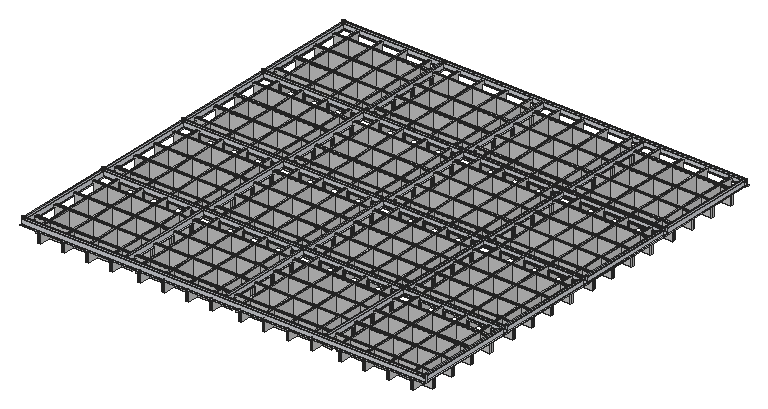
Revit family "GRD-WFL-001_RFA", category Modelos genéricos, Revit 2022 (continued)
Forms (in)
  Extrusion 405, solid
    sketch origin (83.61511, 0.00149, -1.20924) x (0, 1, 0) y (0, 0, -1)
      loop
        line (0.96881, 1.14538) -> (0.96881, -1.85462) -> (0.65631, -1.85462) -> (0.65631, -2.35462) -> (0.96881, -2.35462) -> (3.48948, -2.35462) -> (3.48948, -0.60462) -> (4.19814, -0.60462) -> (4.19814, -2.35462) -> (9.23948, -2.35462) -> (9.23948, -0.60462) -> (9.94814, -0.60462) -> (9.94814, -2.35462) -> (14.98948, -2.35462) -> (14.98948, -0.60462) -> (15.69814, -0.60462) -> (15.69814, -2.35462) -> (20.73948, -2.35462) -> (20.73948, -0.60462) -> (21.44814, -0.60462) -> (21.44814, -2.35462) -> (24.28131, -2.35462) -> (24.28131, -1.85462) -> (23.96881, -1.85462) -> (23.96881, 1.14538) -> (0.96881, 1.14538)
    from -3.96341 to -3.49097
  Extrusion 406, solid
    sketch origin (89.36511, 0.00149, -1.20924) x (0, 1, 0) y (0, 0, -1)
      loop
        line (0.96881, 1.14538) -> (0.96881, -1.85462) -> (0.65631, -1.85462) -> (0.65631, -2.35462) -> (0.96881, -2.35462) -> (3.48948, -2.35462) -> (3.48948, -0.60462) -> (4.19814, -0.60462) -> (4.19814, -2.35462) -> (9.23948, -2.35462) -> (9.23948, -0.60462) -> (9.94814, -0.60462) -> (9.94814, -2.35462) -> (14.98948, -2.35462) -> (14.98948, -0.60462) -> (15.69814, -0.60462) -> (15.69814, -2.35462) -> (20.73948, -2.35462) -> (20.73948, -0.60462) -> (21.44814, -0.60462) -> (21.44814, -2.35462) -> (24.28131, -2.35462) -> (24.28131, -1.85462) -> (23.96881, -1.85462) -> (23.96881, 1.14538) -> (0.96881, 1.14538)
    from -3.96341 to -3.49097
  Extrusion 407, solid
    sketch origin (-0.00019, 23.99679, 0) x (1, 0, 0) y (0, 0, 1)
      loop
        line (0.96881, 0.64538) -> (0.96881, -2.35462) -> (3.48948, -2.35462) -> (3.48948, -0.60462) -> (4.19814, -0.60462) -> (4.19814, -2.35462) -> (9.23948, -2.35462) -> (9.23948, -0.60462) -> (9.94814, -0.60462) -> (9.94814, -2.35462) -> (14.98948, -2.35462) -> (14.98948, -0.60462) -> (15.69814, -0.60462) -> (15.69814, -2.35462) -> (20.73948, -2.35462) -> (20.73948, -0.60462) -> (21.44814, -0.60462) -> (21.44814, -2.35462) -> (23.96881, -2.35462) -> (23.96881, 0.64538) -> (24.28131, 0.64538) -> (24.28131, 1.14538) -> (0.65631, 1.14538) -> (0.65631, 0.64538) -> (0.96881, 0.64538)
    from -3.60908 to -3.49097
  Extrusion 408, solid
    sketch origin (-0.00019, 23.99679, 0) x (1, 0, 0) y (0, 0, 1)
      loop
        line (0.96881, 0.64538) -> (0.96881, -2.35462) -> (3.48948, -2.35462) -> (3.48948, -0.60462) -> (4.19814, -0.60462) -> (4.19814, -2.35462) -> (9.23948, -2.35462) -> (9.23948, -0.60462) -> (9.94814, -0.60462) -> (9.94814, -2.35462) -> (14.98948, -2.35462) -> (14.98948, -0.60462) -> (15.69814, -0.60462) -> (15.69814, -2.35462) -> (20.73948, -2.35462) -> (20.73948, -0.60462) -> (21.44814, -0.60462) -> (21.44814, -2.35462) -> (23.96881, -2.35462) -> (23.96881, 0.64538) -> (24.28131, 0.64538) -> (24.28131, 1.14538) -> (0.65631, 1.14538) -> (0.65631, 0.64538) -> (0.96881, 0.64538)
    from -4.08152 to -3.60908
  Extrusion 409, solid
    sketch origin (-0.00019, 23.99679, 0) x (1, 0, 0) y (0, 0, 1)
      loop
        line (0.96881, 0.64538) -> (0.96881, -2.35462) -> (3.48948, -2.35462) -> (3.48948, -0.60462) -> (4.19814, -0.60462) -> (4.19814, -2.35462) -> (9.23948, -2.35462) -> (9.23948, -0.60462) -> (9.94814, -0.60462) -> (9.94814, -2.35462) -> (14.98948, -2.35462) -> (14.98948, -0.60462) -> (15.69814, -0.60462) -> (15.69814, -2.35462) -> (20.73948, -2.35462) -> (20.73948, -0.60462) -> (21.44814, -0.60462) -> (21.44814, -2.35462) -> (23.96881, -2.35462) -> (23.96881, 0.64538) -> (24.28131, 0.64538) -> (24.28131, 1.14538) -> (0.65631, 1.14538) -> (0.65631, 0.64538) -> (0.96881, 0.64538)
    from -4.19963 to -4.08152
  Extrusion 410, solid
    sketch origin (-0.00168, 23.99827, -1.20924) x (0, 1, 0) y (0, 0, -1)
      loop
        line (0.96881, 1.14538) -> (0.96881, -1.85462) -> (0.65631, -1.85462) -> (0.65631, -2.35462) -> (0.96881, -2.35462) -> (3.48948, -2.35462) -> (3.48948, -0.60462) -> (4.19814, -0.60462) -> (4.19814, -2.35462) -> (9.23948, -2.35462) -> (9.23948, -0.60462) -> (9.94814, -0.60462) -> (9.94814, -2.35462) -> (14.98948, -2.35462) -> (14.98948, -0.60462) -> (15.69814, -0.60462) -> (15.69814, -2.35462) -> (20.73948, -2.35462) -> (20.73948, -0.60462) -> (21.44814, -0.60462) -> (21.44814, -2.35462) -> (24.28131, -2.35462) -> (24.28131, -1.85462) -> (23.96881, -1.85462) -> (23.96881, 1.14538) -> (0.96881, 1.14538)
    from -3.60908 to -3.49097
  Extrusion 411, solid
    sketch origin (0.11643, 23.99827, -1.20924) x (0, 1, 0) y (0, 0, -1)
      loop
        line (0.96881, 1.14538) -> (0.96881, -1.85462) -> (0.65631, -1.85462) -> (0.65631, -2.35462) -> (0.96881, -2.35462) -> (3.48948, -2.35462) -> (3.48948, -0.60462) -> (4.19814, -0.60462) -> (4.19814, -2.35462) -> (9.23948, -2.35462) -> (9.23948, -0.60462) -> (9.94814, -0.60462) -> (9.94814, -2.35462) -> (14.98948, -2.35462) -> (14.98948, -0.60462) -> (15.69814, -0.60462) -> (15.69814, -2.35462) -> (20.73948, -2.35462) -> (20.73948, -0.60462) -> (21.44814, -0.60462) -> (21.44814, -2.35462) -> (24.28131, -2.35462) -> (24.28131, -1.85462) -> (23.96881, -1.85462) -> (23.96881, 1.14538) -> (0.96881, 1.14538)
    from -3.96341 to -3.49097
  Extrusion 412, solid
    sketch origin (-0.00168, 23.99827, -1.20924) x (0, 1, 0) y (0, 0, -1)
      loop
        line (0.96881, 1.14538) -> (0.96881, -1.85462) -> (0.65631, -1.85462) -> (0.65631, -2.35462) -> (0.96881, -2.35462) -> (3.48948, -2.35462) -> (3.48948, -0.60462) -> (4.19814, -0.60462) -> (4.19814, -2.35462) -> (9.23948, -2.35462) -> (9.23948, -0.60462) -> (9.94814, -0.60462) -> (9.94814, -2.35462) -> (14.98948, -2.35462) -> (14.98948, -0.60462) -> (15.69814, -0.60462) -> (15.69814, -2.35462) -> (20.73948, -2.35462) -> (20.73948, -0.60462) -> (21.44814, -0.60462) -> (21.44814, -2.35462) -> (24.28131, -2.35462) -> (24.28131, -1.85462) -> (23.96881, -1.85462) -> (23.96881, 1.14538) -> (0.96881, 1.14538)
    from -4.19963 to -4.08152
  Extrusion 413, solid
    sketch origin (-0.00019, 23.99679, 0) x (1, 0, 0) y (0, 0, 1)
      loop
        line (0.96881, 0.64538) -> (0.96881, -2.35462) -> (3.48948, -2.35462) -> (3.48948, -0.60462) -> (4.19814, -0.60462) -> (4.19814, -2.35462) -> (9.23948, -2.35462) -> (9.23948, -0.60462) -> (9.94814, -0.60462) -> (9.94814, -2.35462) -> (14.98948, -2.35462) -> (14.98948, -0.60462) -> (15.69814, -0.60462) -> (15.69814, -2.35462) -> (20.73948, -2.35462) -> (20.73948, -0.60462) -> (21.44814, -0.60462) -> (21.44814, -2.35462) -> (23.96881, -2.35462) -> (23.96881, 0.64538) -> (24.28131, 0.64538) -> (24.28131, 1.14538) -> (0.65631, 1.14538) -> (0.65631, 0.64538) -> (0.96881, 0.64538)
    from -9.94963 to -9.83152
  Extrusion 414, solid
    sketch origin (-0.00019, 23.99679, 0) x (1, 0, 0) y (0, 0, 1)
      loop
        line (0.96881, 0.64538) -> (0.96881, -2.35462) -> (3.48948, -2.35462) -> (3.48948, -0.60462) -> (4.19814, -0.60462) -> (4.19814, -2.35462) -> (9.23948, -2.35462) -> (9.23948, -0.60462) -> (9.94814, -0.60462) -> (9.94814, -2.35462) -> (14.98948, -2.35462) -> (14.98948, -0.60462) -> (15.69814, -0.60462) -> (15.69814, -2.35462) -> (20.73948, -2.35462) -> (20.73948, -0.60462) -> (21.44814, -0.60462) -> (21.44814, -2.35462) -> (23.96881, -2.35462) -> (23.96881, 0.64538) -> (24.28131, 0.64538) -> (24.28131, 1.14538) -> (0.65631, 1.14538) -> (0.65631, 0.64538) -> (0.96881, 0.64538)
    from -9.35908 to -9.24097
  Extrusion 415, solid
    sketch origin (-0.00019, 23.99679, 0) x (1, 0, 0) y (0, 0, 1)
      loop
        line (0.96881, 0.64538) -> (0.96881, -2.35462) -> (3.48948, -2.35462) -> (3.48948, -0.60462) -> (4.19814, -0.60462) -> (4.19814, -2.35462) -> (9.23948, -2.35462) -> (9.23948, -0.60462) -> (9.94814, -0.60462) -> (9.94814, -2.35462) -> (14.98948, -2.35462) -> (14.98948, -0.60462) -> (15.69814, -0.60462) -> (15.69814, -2.35462) -> (20.73948, -2.35462) -> (20.73948, -0.60462) -> (21.44814, -0.60462) -> (21.44814, -2.35462) -> (23.96881, -2.35462) -> (23.96881, 0.64538) -> (24.28131, 0.64538) -> (24.28131, 1.14538) -> (0.65631, 1.14538) -> (0.65631, 0.64538) -> (0.96881, 0.64538)
    from -9.83152 to -9.35908
  Extrusion 416, solid
    sketch origin (-0.00019, 23.99679, 0) x (1, 0, 0) y (0, 0, 1)
      loop
        line (0.96881, 0.64538) -> (0.96881, -2.35462) -> (3.48948, -2.35462) -> (3.48948, -0.60462) -> (4.19814, -0.60462) -> (4.19814, -2.35462) -> (9.23948, -2.35462) -> (9.23948, -0.60462) -> (9.94814, -0.60462) -> (9.94814, -2.35462) -> (14.98948, -2.35462) -> (14.98948, -0.60462) -> (15.69814, -0.60462) -> (15.69814, -2.35462) -> (20.73948, -2.35462) -> (20.73948, -0.60462) -> (21.44814, -0.60462) -> (21.44814, -2.35462) -> (23.96881, -2.35462) -> (23.96881, 0.64538) -> (24.28131, 0.64538) -> (24.28131, 1.14538) -> (0.65631, 1.14538) -> (0.65631, 0.64538) -> (0.96881, 0.64538)
    from -15.69963 to -15.58152
  Extrusion 417, solid
    sketch origin (-0.00019, 23.99679, 0) x (1, 0, 0) y (0, 0, 1)
      loop
        line (0.96881, 0.64538) -> (0.96881, -2.35462) -> (3.48948, -2.35462) -> (3.48948, -0.60462) -> (4.19814, -0.60462) -> (4.19814, -2.35462) -> (9.23948, -2.35462) -> (9.23948, -0.60462) -> (9.94814, -0.60462) -> (9.94814, -2.35462) -> (14.98948, -2.35462) -> (14.98948, -0.60462) -> (15.69814, -0.60462) -> (15.69814, -2.35462) -> (20.73948, -2.35462) -> (20.73948, -0.60462) -> (21.44814, -0.60462) -> (21.44814, -2.35462) -> (23.96881, -2.35462) -> (23.96881, 0.64538) -> (24.28131, 0.64538) -> (24.28131, 1.14538) -> (0.65631, 1.14538) -> (0.65631, 0.64538) -> (0.96881, 0.64538)
    from -15.10908 to -14.99097
  Extrusion 418, solid
    sketch origin (-0.00019, 23.99679, 0) x (1, 0, 0) y (0, 0, 1)
      loop
        line (0.96881, 0.64538) -> (0.96881, -2.35462) -> (3.48948, -2.35462) -> (3.48948, -0.60462) -> (4.19814, -0.60462) -> (4.19814, -2.35462) -> (9.23948, -2.35462) -> (9.23948, -0.60462) -> (9.94814, -0.60462) -> (9.94814, -2.35462) -> (14.98948, -2.35462) -> (14.98948, -0.60462) -> (15.69814, -0.60462) -> (15.69814, -2.35462) -> (20.73948, -2.35462) -> (20.73948, -0.60462) -> (21.44814, -0.60462) -> (21.44814, -2.35462) -> (23.96881, -2.35462) -> (23.96881, 0.64538) -> (24.28131, 0.64538) -> (24.28131, 1.14538) -> (0.65631, 1.14538) -> (0.65631, 0.64538) -> (0.96881, 0.64538)
    from -15.58152 to -15.10908
  Extrusion 419, solid
    sketch origin (-0.00019, 23.99679, 0) x (1, 0, 0) y (0, 0, 1)
      loop
        line (0.96881, 0.64538) -> (0.96881, -2.35462) -> (3.48948, -2.35462) -> (3.48948, -0.60462) -> (4.19814, -0.60462) -> (4.19814, -2.35462) -> (9.23948, -2.35462) -> (9.23948, -0.60462) -> (9.94814, -0.60462) -> (9.94814, -2.35462) -> (14.98948, -2.35462) -> (14.98948, -0.60462) -> (15.69814, -0.60462) -> (15.69814, -2.35462) -> (20.73948, -2.35462) -> (20.73948, -0.60462) -> (21.44814, -0.60462) -> (21.44814, -2.35462) -> (23.96881, -2.35462) -> (23.96881, 0.64538) -> (24.28131, 0.64538) -> (24.28131, 1.14538) -> (0.65631, 1.14538) -> (0.65631, 0.64538) -> (0.96881, 0.64538)
    from -21.44963 to -21.33152
  Extrusion 420, solid
    sketch origin (-0.00019, 23.99679, 0) x (1, 0, 0) y (0, 0, 1)
      loop
        line (0.96881, 0.64538) -> (0.96881, -2.35462) -> (3.48948, -2.35462) -> (3.48948, -0.60462) -> (4.19814, -0.60462) -> (4.19814, -2.35462) -> (9.23948, -2.35462) -> (9.23948, -0.60462) -> (9.94814, -0.60462) -> (9.94814, -2.35462) -> (14.98948, -2.35462) -> (14.98948, -0.60462) -> (15.69814, -0.60462) -> (15.69814, -2.35462) -> (20.73948, -2.35462) -> (20.73948, -0.60462) -> (21.44814, -0.60462) -> (21.44814, -2.35462) -> (23.96881, -2.35462) -> (23.96881, 0.64538) -> (24.28131, 0.64538) -> (24.28131, 1.14538) -> (0.65631, 1.14538) -> (0.65631, 0.64538) -> (0.96881, 0.64538)
    from -20.85908 to -20.74097
  Extrusion 421, solid
    sketch origin (-0.00019, 23.99679, 0) x (1, 0, 0) y (0, 0, 1)
      loop
        line (0.96881, 0.64538) -> (0.96881, -2.35462) -> (3.48948, -2.35462) -> (3.48948, -0.60462) -> (4.19814, -0.60462) -> (4.19814, -2.35462) -> (9.23948, -2.35462) -> (9.23948, -0.60462) -> (9.94814, -0.60462) -> (9.94814, -2.35462) -> (14.98948, -2.35462) -> (14.98948, -0.60462) -> (15.69814, -0.60462) -> (15.69814, -2.35462) -> (20.73948, -2.35462) -> (20.73948, -0.60462) -> (21.44814, -0.60462) -> (21.44814, -2.35462) -> (23.96881, -2.35462) -> (23.96881, 0.64538) -> (24.28131, 0.64538) -> (24.28131, 1.14538) -> (0.65631, 1.14538) -> (0.65631, 0.64538) -> (0.96881, 0.64538)
    from -21.33152 to -20.85908
  Extrusion 422, solid
    sketch origin (5.74832, 23.99827, -1.20924) x (0, 1, 0) y (0, 0, -1)
      loop
        line (0.96881, 1.14538) -> (0.96881, -1.85462) -> (0.65631, -1.85462) -> (0.65631, -2.35462) -> (0.96881, -2.35462) -> (3.48948, -2.35462) -> (3.48948, -0.60462) -> (4.19814, -0.60462) -> (4.19814, -2.35462) -> (9.23948, -2.35462) -> (9.23948, -0.60462) -> (9.94814, -0.60462) -> (9.94814, -2.35462) -> (14.98948, -2.35462) -> (14.98948, -0.60462) -> (15.69814, -0.60462) -> (15.69814, -2.35462) -> (20.73948, -2.35462) -> (20.73948, -0.60462) -> (21.44814, -0.60462) -> (21.44814, -2.35462) -> (24.28131, -2.35462) -> (24.28131, -1.85462) -> (23.96881, -1.85462) -> (23.96881, 1.14538) -> (0.96881, 1.14538)
    from -4.19963 to -4.08152
  Extrusion 423, solid
    sketch origin (5.15777, 23.99827, -1.20924) x (0, 1, 0) y (0, 0, -1)
      loop
        line (0.96881, 1.14538) -> (0.96881, -1.85462) -> (0.65631, -1.85462) -> (0.65631, -2.35462) -> (0.96881, -2.35462) -> (3.48948, -2.35462) -> (3.48948, -0.60462) -> (4.19814, -0.60462) -> (4.19814, -2.35462) -> (9.23948, -2.35462) -> (9.23948, -0.60462) -> (9.94814, -0.60462) -> (9.94814, -2.35462) -> (14.98948, -2.35462) -> (14.98948, -0.60462) -> (15.69814, -0.60462) -> (15.69814, -2.35462) -> (20.73948, -2.35462) -> (20.73948, -0.60462) -> (21.44814, -0.60462) -> (21.44814, -2.35462) -> (24.28131, -2.35462) -> (24.28131, -1.85462) -> (23.96881, -1.85462) -> (23.96881, 1.14538) -> (0.96881, 1.14538)
    from -4.19963 to -4.08152
  Extrusion 424, solid
    sketch origin (11.49832, 23.99827, -1.20924) x (0, 1, 0) y (0, 0, -1)
      loop
        line (0.96881, 1.14538) -> (0.96881, -1.85462) -> (0.65631, -1.85462) -> (0.65631, -2.35462) -> (0.96881, -2.35462) -> (3.48948, -2.35462) -> (3.48948, -0.60462) -> (4.19814, -0.60462) -> (4.19814, -2.35462) -> (9.23948, -2.35462) -> (9.23948, -0.60462) -> (9.94814, -0.60462) -> (9.94814, -2.35462) -> (14.98948, -2.35462) -> (14.98948, -0.60462) -> (15.69814, -0.60462) -> (15.69814, -2.35462) -> (20.73948, -2.35462) -> (20.73948, -0.60462) -> (21.44814, -0.60462) -> (21.44814, -2.35462) -> (24.28131, -2.35462) -> (24.28131, -1.85462) -> (23.96881, -1.85462) -> (23.96881, 1.14538) -> (0.96881, 1.14538)
    from -4.19963 to -4.08152
  Extrusion 425, solid
    sketch origin (10.90777, 23.99827, -1.20924) x (0, 1, 0) y (0, 0, -1)
      loop
        line (0.96881, 1.14538) -> (0.96881, -1.85462) -> (0.65631, -1.85462) -> (0.65631, -2.35462) -> (0.96881, -2.35462) -> (3.48948, -2.35462) -> (3.48948, -0.60462) -> (4.19814, -0.60462) -> (4.19814, -2.35462) -> (9.23948, -2.35462) -> (9.23948, -0.60462) -> (9.94814, -0.60462) -> (9.94814, -2.35462) -> (14.98948, -2.35462) -> (14.98948, -0.60462) -> (15.69814, -0.60462) -> (15.69814, -2.35462) -> (20.73948, -2.35462) -> (20.73948, -0.60462) -> (21.44814, -0.60462) -> (21.44814, -2.35462) -> (24.28131, -2.35462) -> (24.28131, -1.85462) -> (23.96881, -1.85462) -> (23.96881, 1.14538) -> (0.96881, 1.14538)
    from -4.19963 to -4.08152
  Extrusion 426, solid
    sketch origin (16.65777, 23.99827, -1.20924) x (0, 1, 0) y (0, 0, -1)
      loop
        line (0.96881, 1.14538) -> (0.96881, -1.85462) -> (0.65631, -1.85462) -> (0.65631, -2.35462) -> (0.96881, -2.35462) -> (3.48948, -2.35462) -> (3.48948, -0.60462) -> (4.19814, -0.60462) -> (4.19814, -2.35462) -> (9.23948, -2.35462) -> (9.23948, -0.60462) -> (9.94814, -0.60462) -> (9.94814, -2.35462) -> (14.98948, -2.35462) -> (14.98948, -0.60462) -> (15.69814, -0.60462) -> (15.69814, -2.35462) -> (20.73948, -2.35462) -> (20.73948, -0.60462) -> (21.44814, -0.60462) -> (21.44814, -2.35462) -> (24.28131, -2.35462) -> (24.28131, -1.85462) -> (23.96881, -1.85462) -> (23.96881, 1.14538) -> (0.96881, 1.14538)
    from -4.19963 to -4.08152
  Extrusion 427, solid
    sketch origin (17.24832, 23.99827, -1.20924) x (0, 1, 0) y (0, 0, -1)
      loop
        line (0.96881, 1.14538) -> (0.96881, -1.85462) -> (0.65631, -1.85462) -> (0.65631, -2.35462) -> (0.96881, -2.35462) -> (3.48948, -2.35462) -> (3.48948, -0.60462) -> (4.19814, -0.60462) -> (4.19814, -2.35462) -> (9.23948, -2.35462) -> (9.23948, -0.60462) -> (9.94814, -0.60462) -> (9.94814, -2.35462) -> (14.98948, -2.35462) -> (14.98948, -0.60462) -> (15.69814, -0.60462) -> (15.69814, -2.35462) -> (20.73948, -2.35462) -> (20.73948, -0.60462) -> (21.44814, -0.60462) -> (21.44814, -2.35462) -> (24.28131, -2.35462) -> (24.28131, -1.85462) -> (23.96881, -1.85462) -> (23.96881, 1.14538) -> (0.96881, 1.14538)
    from -4.19963 to -4.08152
  Extrusion 428, solid
    sketch origin (5.86643, 23.99827, -1.20924) x (0, 1, 0) y (0, 0, -1)
      loop
        line (0.96881, 1.14538) -> (0.96881, -1.85462) -> (0.65631, -1.85462) -> (0.65631, -2.35462) -> (0.96881, -2.35462) -> (3.48948, -2.35462) -> (3.48948, -0.60462) -> (4.19814, -0.60462) -> (4.19814, -2.35462) -> (9.23948, -2.35462) -> (9.23948, -0.60462) -> (9.94814, -0.60462) -> (9.94814, -2.35462) -> (14.98948, -2.35462) -> (14.98948, -0.60462) -> (15.69814, -0.60462) -> (15.69814, -2.35462) -> (20.73948, -2.35462) -> (20.73948, -0.60462) -> (21.44814, -0.60462) -> (21.44814, -2.35462) -> (24.28131, -2.35462) -> (24.28131, -1.85462) -> (23.96881, -1.85462) -> (23.96881, 1.14538) -> (0.96881, 1.14538)
    from -3.96341 to -3.49097
  Extrusion 429, solid
    sketch origin (11.61643, 23.99827, -1.20924) x (0, 1, 0) y (0, 0, -1)
      loop
        line (0.96881, 1.14538) -> (0.96881, -1.85462) -> (0.65631, -1.85462) -> (0.65631, -2.35462) -> (0.96881, -2.35462) -> (3.48948, -2.35462) -> (3.48948, -0.60462) -> (4.19814, -0.60462) -> (4.19814, -2.35462) -> (9.23948, -2.35462) -> (9.23948, -0.60462) -> (9.94814, -0.60462) -> (9.94814, -2.35462) -> (14.98948, -2.35462) -> (14.98948, -0.60462) -> (15.69814, -0.60462) -> (15.69814, -2.35462) -> (20.73948, -2.35462) -> (20.73948, -0.60462) -> (21.44814, -0.60462) -> (21.44814, -2.35462) -> (24.28131, -2.35462) -> (24.28131, -1.85462) -> (23.96881, -1.85462) -> (23.96881, 1.14538) -> (0.96881, 1.14538)
    from -3.96341 to -3.49097
  Extrusion 430, solid
    sketch origin (17.36643, 23.99827, -1.20924) x (0, 1, 0) y (0, 0, -1)
      loop
        line (0.96881, 1.14538) -> (0.96881, -1.85462) -> (0.65631, -1.85462) -> (0.65631, -2.35462) -> (0.96881, -2.35462) -> (3.48948, -2.35462) -> (3.48948, -0.60462) -> (4.19814, -0.60462) -> (4.19814, -2.35462) -> (9.23948, -2.35462) -> (9.23948, -0.60462) -> (9.94814, -0.60462) -> (9.94814, -2.35462) -> (14.98948, -2.35462) -> (14.98948, -0.60462) -> (15.69814, -0.60462) -> (15.69814, -2.35462) -> (20.73948, -2.35462) -> (20.73948, -0.60462) -> (21.44814, -0.60462) -> (21.44814, -2.35462) -> (24.28131, -2.35462) -> (24.28131, -1.85462) -> (23.96881, -1.85462) -> (23.96881, 1.14538) -> (0.96881, 1.14538)
    from -3.96341 to -3.49097
  Extrusion 431, solid, not visible
    sketch origin (-44, 0, 0) x (1, 0, 0) y (0, 0, 1)
      loop
        line (0.96881, 0.64538) -> (0.96881, -2.35462) -> (3.48948, -2.35462) -> (3.48948, -0.60462) -> (4.19814, -0.60462) -> (4.19814, -2.35462) -> (9.23948, -2.35462) -> (9.23948, -0.60462) -> (9.94814, -0.60462) -> (9.94814, -2.35462) -> (14.98948, -2.35462) -> (14.98948, -0.60462) -> (15.69814, -0.60462) -> (15.69814, -2.35462) -> (20.73948, -2.35462) -> (20.73948, -0.60462) -> (21.44814, -0.60462) -> (21.44814, -2.35462) -> (23.96881, -2.35462) -> (23.96881, 0.64538) -> (24.28131, 0.64538) -> (24.28131, 1.14538) -> (0.65631, 1.14538) -> (0.65631, 0.64538) -> (0.96881, 0.64538)
    from -3.60908 to -3.49097
  Extrusion 432, solid, not visible
    sketch origin (-44, 0, 0) x (1, 0, 0) y (0, 0, 1)
      loop
        line (0.96881, 0.64538) -> (0.96881, -2.35462) -> (3.48948, -2.35462) -> (3.48948, -0.60462) -> (4.19814, -0.60462) -> (4.19814, -2.35462) -> (9.23948, -2.35462) -> (9.23948, -0.60462) -> (9.94814, -0.60462) -> (9.94814, -2.35462) -> (14.98948, -2.35462) -> (14.98948, -0.60462) -> (15.69814, -0.60462) -> (15.69814, -2.35462) -> (20.73948, -2.35462) -> (20.73948, -0.60462) -> (21.44814, -0.60462) -> (21.44814, -2.35462) -> (23.96881, -2.35462) -> (23.96881, 0.64538) -> (24.28131, 0.64538) -> (24.28131, 1.14538) -> (0.65631, 1.14538) -> (0.65631, 0.64538) -> (0.96881, 0.64538)
    from -4.08152 to -3.60908
  Extrusion 433, solid, not visible
    sketch origin (-44, 0, 0) x (1, 0, 0) y (0, 0, 1)
      loop
        line (0.96881, 0.64538) -> (0.96881, -2.35462) -> (3.48948, -2.35462) -> (3.48948, -0.60462) -> (4.19814, -0.60462) -> (4.19814, -2.35462) -> (9.23948, -2.35462) -> (9.23948, -0.60462) -> (9.94814, -0.60462) -> (9.94814, -2.35462) -> (14.98948, -2.35462) -> (14.98948, -0.60462) -> (15.69814, -0.60462) -> (15.69814, -2.35462) -> (20.73948, -2.35462) -> (20.73948, -0.60462) -> (21.44814, -0.60462) -> (21.44814, -2.35462) -> (23.96881, -2.35462) -> (23.96881, 0.64538) -> (24.28131, 0.64538) -> (24.28131, 1.14538) -> (0.65631, 1.14538) -> (0.65631, 0.64538) -> (0.96881, 0.64538)
    from -4.19963 to -4.08152
  Extrusion 434, solid, not visible
    sketch origin (-44, 0, 0) x (1, 0, 0) y (0, 0, 1)
      loop
        line (0.96881, 0.64538) -> (0.96881, -2.35462) -> (3.48948, -2.35462) -> (3.48948, -0.60462) -> (4.19814, -0.60462) -> (4.19814, -2.35462) -> (9.23948, -2.35462) -> (9.23948, -0.60462) -> (9.94814, -0.60462) -> (9.94814, -2.35462) -> (14.98948, -2.35462) -> (14.98948, -0.60462) -> (15.69814, -0.60462) -> (15.69814, -2.35462) -> (20.73948, -2.35462) -> (20.73948, -0.60462) -> (21.44814, -0.60462) -> (21.44814, -2.35462) -> (23.96881, -2.35462) -> (23.96881, 0.64538) -> (24.28131, 0.64538) -> (24.28131, 1.14538) -> (0.65631, 1.14538) -> (0.65631, 0.64538) -> (0.96881, 0.64538)
    from -9.94963 to -9.83152
  Extrusion 435, solid, not visible
    sketch origin (-44, 0, 0) x (1, 0, 0) y (0, 0, 1)
      loop
        line (0.96881, 0.64538) -> (0.96881, -2.35462) -> (3.48948, -2.35462) -> (3.48948, -0.60462) -> (4.19814, -0.60462) -> (4.19814, -2.35462) -> (9.23948, -2.35462) -> (9.23948, -0.60462) -> (9.94814, -0.60462) -> (9.94814, -2.35462) -> (14.98948, -2.35462) -> (14.98948, -0.60462) -> (15.69814, -0.60462) -> (15.69814, -2.35462) -> (20.73948, -2.35462) -> (20.73948, -0.60462) -> (21.44814, -0.60462) -> (21.44814, -2.35462) -> (23.96881, -2.35462) -> (23.96881, 0.64538) -> (24.28131, 0.64538) -> (24.28131, 1.14538) -> (0.65631, 1.14538) -> (0.65631, 0.64538) -> (0.96881, 0.64538)
    from -9.35908 to -9.24097
  Extrusion 436, solid, not visible
    sketch origin (-44, 0, 0) x (1, 0, 0) y (0, 0, 1)
      loop
        line (0.96881, 0.64538) -> (0.96881, -2.35462) -> (3.48948, -2.35462) -> (3.48948, -0.60462) -> (4.19814, -0.60462) -> (4.19814, -2.35462) -> (9.23948, -2.35462) -> (9.23948, -0.60462) -> (9.94814, -0.60462) -> (9.94814, -2.35462) -> (14.98948, -2.35462) -> (14.98948, -0.60462) -> (15.69814, -0.60462) -> (15.69814, -2.35462) -> (20.73948, -2.35462) -> (20.73948, -0.60462) -> (21.44814, -0.60462) -> (21.44814, -2.35462) -> (23.96881, -2.35462) -> (23.96881, 0.64538) -> (24.28131, 0.64538) -> (24.28131, 1.14538) -> (0.65631, 1.14538) -> (0.65631, 0.64538) -> (0.96881, 0.64538)
    from -9.83152 to -9.35908
  Extrusion 437, solid, not visible
    sketch origin (-44, 0, 0) x (1, 0, 0) y (0, 0, 1)
      loop
        line (0.96881, 0.64538) -> (0.96881, -2.35462) -> (3.48948, -2.35462) -> (3.48948, -0.60462) -> (4.19814, -0.60462) -> (4.19814, -2.35462) -> (9.23948, -2.35462) -> (9.23948, -0.60462) -> (9.94814, -0.60462) -> (9.94814, -2.35462) -> (14.98948, -2.35462) -> (14.98948, -0.60462) -> (15.69814, -0.60462) -> (15.69814, -2.35462) -> (20.73948, -2.35462) -> (20.73948, -0.60462) -> (21.44814, -0.60462) -> (21.44814, -2.35462) -> (23.96881, -2.35462) -> (23.96881, 0.64538) -> (24.28131, 0.64538) -> (24.28131, 1.14538) -> (0.65631, 1.14538) -> (0.65631, 0.64538) -> (0.96881, 0.64538)
    from -15.69963 to -15.58152
  Extrusion 438, solid, not visible
    sketch origin (-44, 0, 0) x (1, 0, 0) y (0, 0, 1)
      loop
        line (0.96881, 0.64538) -> (0.96881, -2.35462) -> (3.48948, -2.35462) -> (3.48948, -0.60462) -> (4.19814, -0.60462) -> (4.19814, -2.35462) -> (9.23948, -2.35462) -> (9.23948, -0.60462) -> (9.94814, -0.60462) -> (9.94814, -2.35462) -> (14.98948, -2.35462) -> (14.98948, -0.60462) -> (15.69814, -0.60462) -> (15.69814, -2.35462) -> (20.73948, -2.35462) -> (20.73948, -0.60462) -> (21.44814, -0.60462) -> (21.44814, -2.35462) -> (23.96881, -2.35462) -> (23.96881, 0.64538) -> (24.28131, 0.64538) -> (24.28131, 1.14538) -> (0.65631, 1.14538) -> (0.65631, 0.64538) -> (0.96881, 0.64538)
    from -15.10908 to -14.99097
  Extrusion 439, solid, not visible
    sketch origin (-44, 0, 0) x (1, 0, 0) y (0, 0, 1)
      loop
        line (0.96881, 0.64538) -> (0.96881, -2.35462) -> (3.48948, -2.35462) -> (3.48948, -0.60462) -> (4.19814, -0.60462) -> (4.19814, -2.35462) -> (9.23948, -2.35462) -> (9.23948, -0.60462) -> (9.94814, -0.60462) -> (9.94814, -2.35462) -> (14.98948, -2.35462) -> (14.98948, -0.60462) -> (15.69814, -0.60462) -> (15.69814, -2.35462) -> (20.73948, -2.35462) -> (20.73948, -0.60462) -> (21.44814, -0.60462) -> (21.44814, -2.35462) -> (23.96881, -2.35462) -> (23.96881, 0.64538) -> (24.28131, 0.64538) -> (24.28131, 1.14538) -> (0.65631, 1.14538) -> (0.65631, 0.64538) -> (0.96881, 0.64538)
    from -15.58152 to -15.10908
  Extrusion 440, solid, not visible
    sketch origin (-44, 0, 0) x (1, 0, 0) y (0, 0, 1)
      loop
        line (0.96881, 0.64538) -> (0.96881, -2.35462) -> (3.48948, -2.35462) -> (3.48948, -0.60462) -> (4.19814, -0.60462) -> (4.19814, -2.35462) -> (9.23948, -2.35462) -> (9.23948, -0.60462) -> (9.94814, -0.60462) -> (9.94814, -2.35462) -> (14.98948, -2.35462) -> (14.98948, -0.60462) -> (15.69814, -0.60462) -> (15.69814, -2.35462) -> (20.73948, -2.35462) -> (20.73948, -0.60462) -> (21.44814, -0.60462) -> (21.44814, -2.35462) -> (23.96881, -2.35462) -> (23.96881, 0.64538) -> (24.28131, 0.64538) -> (24.28131, 1.14538) -> (0.65631, 1.14538) -> (0.65631, 0.64538) -> (0.96881, 0.64538)
    from -21.44963 to -21.33152
  Extrusion 441, solid, not visible
    sketch origin (-44, 0, 0) x (1, 0, 0) y (0, 0, 1)
      loop
        line (0.96881, 0.64538) -> (0.96881, -2.35462) -> (3.48948, -2.35462) -> (3.48948, -0.60462) -> (4.19814, -0.60462) -> (4.19814, -2.35462) -> (9.23948, -2.35462) -> (9.23948, -0.60462) -> (9.94814, -0.60462) -> (9.94814, -2.35462) -> (14.98948, -2.35462) -> (14.98948, -0.60462) -> (15.69814, -0.60462) -> (15.69814, -2.35462) -> (20.73948, -2.35462) -> (20.73948, -0.60462) -> (21.44814, -0.60462) -> (21.44814, -2.35462) -> (23.96881, -2.35462) -> (23.96881, 0.64538) -> (24.28131, 0.64538) -> (24.28131, 1.14538) -> (0.65631, 1.14538) -> (0.65631, 0.64538) -> (0.96881, 0.64538)
    from -20.85908 to -20.74097
  Extrusion 442, solid, not visible
    sketch origin (-44, 0, 0) x (1, 0, 0) y (0, 0, 1)
      loop
        line (0.96881, 0.64538) -> (0.96881, -2.35462) -> (3.48948, -2.35462) -> (3.48948, -0.60462) -> (4.19814, -0.60462) -> (4.19814, -2.35462) -> (9.23948, -2.35462) -> (9.23948, -0.60462) -> (9.94814, -0.60462) -> (9.94814, -2.35462) -> (14.98948, -2.35462) -> (14.98948, -0.60462) -> (15.69814, -0.60462) -> (15.69814, -2.35462) -> (20.73948, -2.35462) -> (20.73948, -0.60462) -> (21.44814, -0.60462) -> (21.44814, -2.35462) -> (23.96881, -2.35462) -> (23.96881, 0.64538) -> (24.28131, 0.64538) -> (24.28131, 1.14538) -> (0.65631, 1.14538) -> (0.65631, 0.64538) -> (0.96881, 0.64538)
    from -21.33152 to -20.85908
  Extrusion 443, solid, not visible
    sketch origin (-44.00149, 0.00149, -1.20924) x (0, 1, 0) y (0, 0, -1)
      loop
        line (0.96881, 1.14538) -> (0.96881, -1.85462) -> (0.65631, -1.85462) -> (0.65631, -2.35462) -> (0.96881, -2.35462) -> (3.48948, -2.35462) -> (3.48948, -0.60462) -> (4.19814, -0.60462) -> (4.19814, -2.35462) -> (9.23948, -2.35462) -> (9.23948, -0.60462) -> (9.94814, -0.60462) -> (9.94814, -2.35462) -> (14.98948, -2.35462) -> (14.98948, -0.60462) -> (15.69814, -0.60462) -> (15.69814, -2.35462) -> (20.73948, -2.35462) -> (20.73948, -0.60462) -> (21.44814, -0.60462) -> (21.44814, -2.35462) -> (24.28131, -2.35462) -> (24.28131, -1.85462) -> (23.96881, -1.85462) -> (23.96881, 1.14538) -> (0.96881, 1.14538)
    from -3.60908 to -3.49097
  Extrusion 444, solid, not visible
    sketch origin (-43.88338, 0.00149, -1.20924) x (0, 1, 0) y (0, 0, -1)
      loop
        line (0.96881, 1.14538) -> (0.96881, -1.85462) -> (0.65631, -1.85462) -> (0.65631, -2.35462) -> (0.96881, -2.35462) -> (3.48948, -2.35462) -> (3.48948, -0.60462) -> (4.19814, -0.60462) -> (4.19814, -2.35462) -> (9.23948, -2.35462) -> (9.23948, -0.60462) -> (9.94814, -0.60462) -> (9.94814, -2.35462) -> (14.98948, -2.35462) -> (14.98948, -0.60462) -> (15.69814, -0.60462) -> (15.69814, -2.35462) -> (20.73948, -2.35462) -> (20.73948, -0.60462) -> (21.44814, -0.60462) -> (21.44814, -2.35462) -> (24.28131, -2.35462) -> (24.28131, -1.85462) -> (23.96881, -1.85462) -> (23.96881, 1.14538) -> (0.96881, 1.14538)
    from -3.96341 to -3.49097
  Extrusion 445, solid, not visible
    sketch origin (-44.00149, 0.00149, -1.20924) x (0, 1, 0) y (0, 0, -1)
      loop
        line (0.96881, 1.14538) -> (0.96881, -1.85462) -> (0.65631, -1.85462) -> (0.65631, -2.35462) -> (0.96881, -2.35462) -> (3.48948, -2.35462) -> (3.48948, -0.60462) -> (4.19814, -0.60462) -> (4.19814, -2.35462) -> (9.23948, -2.35462) -> (9.23948, -0.60462) -> (9.94814, -0.60462) -> (9.94814, -2.35462) -> (14.98948, -2.35462) -> (14.98948, -0.60462) -> (15.69814, -0.60462) -> (15.69814, -2.35462) -> (20.73948, -2.35462) -> (20.73948, -0.60462) -> (21.44814, -0.60462) -> (21.44814, -2.35462) -> (24.28131, -2.35462) -> (24.28131, -1.85462) -> (23.96881, -1.85462) -> (23.96881, 1.14538) -> (0.96881, 1.14538)
    from -4.19963 to -4.08152
  Extrusion 446, solid, not visible
    sketch origin (-38.25149, 0.00149, -1.20924) x (0, 1, 0) y (0, 0, -1)
      loop
        line (0.96881, 1.14538) -> (0.96881, -1.85462) -> (0.65631, -1.85462) -> (0.65631, -2.35462) -> (0.96881, -2.35462) -> (3.48948, -2.35462) -> (3.48948, -0.60462) -> (4.19814, -0.60462) -> (4.19814, -2.35462) -> (9.23948, -2.35462) -> (9.23948, -0.60462) -> (9.94814, -0.60462) -> (9.94814, -2.35462) -> (14.98948, -2.35462) -> (14.98948, -0.60462) -> (15.69814, -0.60462) -> (15.69814, -2.35462) -> (20.73948, -2.35462) -> (20.73948, -0.60462) -> (21.44814, -0.60462) -> (21.44814, -2.35462) -> (24.28131, -2.35462) -> (24.28131, -1.85462) -> (23.96881, -1.85462) -> (23.96881, 1.14538) -> (0.96881, 1.14538)
    from -4.19963 to -4.08152
  Extrusion 447, solid, not visible
    sketch origin (-38.84204, 0.00149, -1.20924) x (0, 1, 0) y (0, 0, -1)
      loop
        line (0.96881, 1.14538) -> (0.96881, -1.85462) -> (0.65631, -1.85462) -> (0.65631, -2.35462) -> (0.96881, -2.35462) -> (3.48948, -2.35462) -> (3.48948, -0.60462) -> (4.19814, -0.60462) -> (4.19814, -2.35462) -> (9.23948, -2.35462) -> (9.23948, -0.60462) -> (9.94814, -0.60462) -> (9.94814, -2.35462) -> (14.98948, -2.35462) -> (14.98948, -0.60462) -> (15.69814, -0.60462) -> (15.69814, -2.35462) -> (20.73948, -2.35462) -> (20.73948, -0.60462) -> (21.44814, -0.60462) -> (21.44814, -2.35462) -> (24.28131, -2.35462) -> (24.28131, -1.85462) -> (23.96881, -1.85462) -> (23.96881, 1.14538) -> (0.96881, 1.14538)
    from -4.19963 to -4.08152
  Extrusion 448, solid, not visible
    sketch origin (-32.50149, 0.00149, -1.20924) x (0, 1, 0) y (0, 0, -1)
      loop
        line (0.96881, 1.14538) -> (0.96881, -1.85462) -> (0.65631, -1.85462) -> (0.65631, -2.35462) -> (0.96881, -2.35462) -> (3.48948, -2.35462) -> (3.48948, -0.60462) -> (4.19814, -0.60462) -> (4.19814, -2.35462) -> (9.23948, -2.35462) -> (9.23948, -0.60462) -> (9.94814, -0.60462) -> (9.94814, -2.35462) -> (14.98948, -2.35462) -> (14.98948, -0.60462) -> (15.69814, -0.60462) -> (15.69814, -2.35462) -> (20.73948, -2.35462) -> (20.73948, -0.60462) -> (21.44814, -0.60462) -> (21.44814, -2.35462) -> (24.28131, -2.35462) -> (24.28131, -1.85462) -> (23.96881, -1.85462) -> (23.96881, 1.14538) -> (0.96881, 1.14538)
    from -4.19963 to -4.08152
  Extrusion 449, solid, not visible
    sketch origin (-33.09204, 0.00149, -1.20924) x (0, 1, 0) y (0, 0, -1)
      loop
        line (0.96881, 1.14538) -> (0.96881, -1.85462) -> (0.65631, -1.85462) -> (0.65631, -2.35462) -> (0.96881, -2.35462) -> (3.48948, -2.35462) -> (3.48948, -0.60462) -> (4.19814, -0.60462) -> (4.19814, -2.35462) -> (9.23948, -2.35462) -> (9.23948, -0.60462) -> (9.94814, -0.60462) -> (9.94814, -2.35462) -> (14.98948, -2.35462) -> (14.98948, -0.60462) -> (15.69814, -0.60462) -> (15.69814, -2.35462) -> (20.73948, -2.35462) -> (20.73948, -0.60462) -> (21.44814, -0.60462) -> (21.44814, -2.35462) -> (24.28131, -2.35462) -> (24.28131, -1.85462) -> (23.96881, -1.85462) -> (23.96881, 1.14538) -> (0.96881, 1.14538)
    from -4.19963 to -4.08152
  Extrusion 450, solid, not visible
    sketch origin (-27.34204, 0.00149, -1.20924) x (0, 1, 0) y (0, 0, -1)
      loop
        line (0.96881, 1.14538) -> (0.96881, -1.85462) -> (0.65631, -1.85462) -> (0.65631, -2.35462) -> (0.96881, -2.35462) -> (3.48948, -2.35462) -> (3.48948, -0.60462) -> (4.19814, -0.60462) -> (4.19814, -2.35462) -> (9.23948, -2.35462) -> (9.23948, -0.60462) -> (9.94814, -0.60462) -> (9.94814, -2.35462) -> (14.98948, -2.35462) -> (14.98948, -0.60462) -> (15.69814, -0.60462) -> (15.69814, -2.35462) -> (20.73948, -2.35462) -> (20.73948, -0.60462) -> (21.44814, -0.60462) -> (21.44814, -2.35462) -> (24.28131, -2.35462) -> (24.28131, -1.85462) -> (23.96881, -1.85462) -> (23.96881, 1.14538) -> (0.96881, 1.14538)
    from -4.19963 to -4.08152
  Extrusion 451, solid, not visible
    sketch origin (-26.75149, 0.00149, -1.20924) x (0, 1, 0) y (0, 0, -1)
      loop
        line (0.96881, 1.14538) -> (0.96881, -1.85462) -> (0.65631, -1.85462) -> (0.65631, -2.35462) -> (0.96881, -2.35462) -> (3.48948, -2.35462) -> (3.48948, -0.60462) -> (4.19814, -0.60462) -> (4.19814, -2.35462) -> (9.23948, -2.35462) -> (9.23948, -0.60462) -> (9.94814, -0.60462) -> (9.94814, -2.35462) -> (14.98948, -2.35462) -> (14.98948, -0.60462) -> (15.69814, -0.60462) -> (15.69814, -2.35462) -> (20.73948, -2.35462) -> (20.73948, -0.60462) -> (21.44814, -0.60462) -> (21.44814, -2.35462) -> (24.28131, -2.35462) -> (24.28131, -1.85462) -> (23.96881, -1.85462) -> (23.96881, 1.14538) -> (0.96881, 1.14538)
    from -4.19963 to -4.08152
  Extrusion 452, solid, not visible
    sketch origin (-38.13338, 0.00149, -1.20924) x (0, 1, 0) y (0, 0, -1)
      loop
        line (0.96881, 1.14538) -> (0.96881, -1.85462) -> (0.65631, -1.85462) -> (0.65631, -2.35462) -> (0.96881, -2.35462) -> (3.48948, -2.35462) -> (3.48948, -0.60462) -> (4.19814, -0.60462) -> (4.19814, -2.35462) -> (9.23948, -2.35462) -> (9.23948, -0.60462) -> (9.94814, -0.60462) -> (9.94814, -2.35462) -> (14.98948, -2.35462) -> (14.98948, -0.60462) -> (15.69814, -0.60462) -> (15.69814, -2.35462) -> (20.73948, -2.35462) -> (20.73948, -0.60462) -> (21.44814, -0.60462) -> (21.44814, -2.35462) -> (24.28131, -2.35462) -> (24.28131, -1.85462) -> (23.96881, -1.85462) -> (23.96881, 1.14538) -> (0.96881, 1.14538)
    from -3.96341 to -3.49097
  Extrusion 453, solid, not visible
    sketch origin (-32.38338, 0.00149, -1.20924) x (0, 1, 0) y (0, 0, -1)
      loop
        line (0.96881, 1.14538) -> (0.96881, -1.85462) -> (0.65631, -1.85462) -> (0.65631, -2.35462) -> (0.96881, -2.35462) -> (3.48948, -2.35462) -> (3.48948, -0.60462) -> (4.19814, -0.60462) -> (4.19814, -2.35462) -> (9.23948, -2.35462) -> (9.23948, -0.60462) -> (9.94814, -0.60462) -> (9.94814, -2.35462) -> (14.98948, -2.35462) -> (14.98948, -0.60462) -> (15.69814, -0.60462) -> (15.69814, -2.35462) -> (20.73948, -2.35462) -> (20.73948, -0.60462) -> (21.44814, -0.60462) -> (21.44814, -2.35462) -> (24.28131, -2.35462) -> (24.28131, -1.85462) -> (23.96881, -1.85462) -> (23.96881, 1.14538) -> (0.96881, 1.14538)
    from -3.96341 to -3.49097
  Extrusion 454, solid, not visible
    sketch origin (-26.63338, 0.00149, -1.20924) x (0, 1, 0) y (0, 0, -1)
      loop
        line (0.96881, 1.14538) -> (0.96881, -1.85462) -> (0.65631, -1.85462) -> (0.65631, -2.35462) -> (0.96881, -2.35462) -> (3.48948, -2.35462) -> (3.48948, -0.60462) -> (4.19814, -0.60462) -> (4.19814, -2.35462) -> (9.23948, -2.35462) -> (9.23948, -0.60462) -> (9.94814, -0.60462) -> (9.94814, -2.35462) -> (14.98948, -2.35462) -> (14.98948, -0.60462) -> (15.69814, -0.60462) -> (15.69814, -2.35462) -> (20.73948, -2.35462) -> (20.73948, -0.60462) -> (21.44814, -0.60462) -> (21.44814, -2.35462) -> (24.28131, -2.35462) -> (24.28131, -1.85462) -> (23.96881, -1.85462) -> (23.96881, 1.14538) -> (0.96881, 1.14538)
    from -3.96341 to -3.49097
  Extrusion 455, solid, not visible
    sketch origin (-44, 0, 0) x (1, 0, 0) y (0, 0, 1)
      loop
        line (0.96881, 0.64538) -> (0.96881, -2.35462) -> (3.48948, -2.35462) -> (3.48948, -0.60462) -> (4.19814, -0.60462) -> (4.19814, -2.35462) -> (9.23948, -2.35462) -> (9.23948, -0.60462) -> (9.94814, -0.60462) -> (9.94814, -2.35462) -> (14.98948, -2.35462) -> (14.98948, -0.60462) -> (15.69814, -0.60462) -> (15.69814, -2.35462) -> (20.73948, -2.35462) -> (20.73948, -0.60462) -> (21.44814, -0.60462) -> (21.44814, -2.35462) -> (23.96881, -2.35462) -> (23.96881, 0.64538) -> (24.28131, 0.64538) -> (24.28131, 1.14538) -> (0.65631, 1.14538) -> (0.65631, 0.64538) -> (0.96881, 0.64538)
    from -3.60908 to -3.49097
  Extrusion 456, solid, not visible
    sketch origin (-44, 0, 0) x (1, 0, 0) y (0, 0, 1)
      loop
        line (0.96881, 0.64538) -> (0.96881, -2.35462) -> (3.48948, -2.35462) -> (3.48948, -0.60462) -> (4.19814, -0.60462) -> (4.19814, -2.35462) -> (9.23948, -2.35462) -> (9.23948, -0.60462) -> (9.94814, -0.60462) -> (9.94814, -2.35462) -> (14.98948, -2.35462) -> (14.98948, -0.60462) -> (15.69814, -0.60462) -> (15.69814, -2.35462) -> (20.73948, -2.35462) -> (20.73948, -0.60462) -> (21.44814, -0.60462) -> (21.44814, -2.35462) -> (23.96881, -2.35462) -> (23.96881, 0.64538) -> (24.28131, 0.64538) -> (24.28131, 1.14538) -> (0.65631, 1.14538) -> (0.65631, 0.64538) -> (0.96881, 0.64538)
    from -4.08152 to -3.60908
  Extrusion 457, solid, not visible
    sketch origin (-44, 0, 0) x (1, 0, 0) y (0, 0, 1)
      loop
        line (0.96881, 0.64538) -> (0.96881, -2.35462) -> (3.48948, -2.35462) -> (3.48948, -0.60462) -> (4.19814, -0.60462) -> (4.19814, -2.35462) -> (9.23948, -2.35462) -> (9.23948, -0.60462) -> (9.94814, -0.60462) -> (9.94814, -2.35462) -> (14.98948, -2.35462) -> (14.98948, -0.60462) -> (15.69814, -0.60462) -> (15.69814, -2.35462) -> (20.73948, -2.35462) -> (20.73948, -0.60462) -> (21.44814, -0.60462) -> (21.44814, -2.35462) -> (23.96881, -2.35462) -> (23.96881, 0.64538) -> (24.28131, 0.64538) -> (24.28131, 1.14538) -> (0.65631, 1.14538) -> (0.65631, 0.64538) -> (0.96881, 0.64538)
    from -4.19963 to -4.08152
  Extrusion 458, solid, not visible
    sketch origin (-44.00149, 0.00149, -1.20924) x (0, 1, 0) y (0, 0, -1)
      loop
        line (0.96881, 1.14538) -> (0.96881, -1.85462) -> (0.65631, -1.85462) -> (0.65631, -2.35462) -> (0.96881, -2.35462) -> (3.48948, -2.35462) -> (3.48948, -0.60462) -> (4.19814, -0.60462) -> (4.19814, -2.35462) -> (9.23948, -2.35462) -> (9.23948, -0.60462) -> (9.94814, -0.60462) -> (9.94814, -2.35462) -> (14.98948, -2.35462) -> (14.98948, -0.60462) -> (15.69814, -0.60462) -> (15.69814, -2.35462) -> (20.73948, -2.35462) -> (20.73948, -0.60462) -> (21.44814, -0.60462) -> (21.44814, -2.35462) -> (24.28131, -2.35462) -> (24.28131, -1.85462) -> (23.96881, -1.85462) -> (23.96881, 1.14538) -> (0.96881, 1.14538)
    from -3.60908 to -3.49097
  Extrusion 459, solid, not visible
    sketch origin (-43.88338, 0.00149, -1.20924) x (0, 1, 0) y (0, 0, -1)
      loop
        line (0.96881, 1.14538) -> (0.96881, -1.85462) -> (0.65631, -1.85462) -> (0.65631, -2.35462) -> (0.96881, -2.35462) -> (3.48948, -2.35462) -> (3.48948, -0.60462) -> (4.19814, -0.60462) -> (4.19814, -2.35462) -> (9.23948, -2.35462) -> (9.23948, -0.60462) -> (9.94814, -0.60462) -> (9.94814, -2.35462) -> (14.98948, -2.35462) -> (14.98948, -0.60462) -> (15.69814, -0.60462) -> (15.69814, -2.35462) -> (20.73948, -2.35462) -> (20.73948, -0.60462) -> (21.44814, -0.60462) -> (21.44814, -2.35462) -> (24.28131, -2.35462) -> (24.28131, -1.85462) -> (23.96881, -1.85462) -> (23.96881, 1.14538) -> (0.96881, 1.14538)
    from -3.96341 to -3.49097
  Extrusion 460, solid, not visible
    sketch origin (-44.00149, 0.00149, -1.20924) x (0, 1, 0) y (0, 0, -1)
      loop
        line (0.96881, 1.14538) -> (0.96881, -1.85462) -> (0.65631, -1.85462) -> (0.65631, -2.35462) -> (0.96881, -2.35462) -> (3.48948, -2.35462) -> (3.48948, -0.60462) -> (4.19814, -0.60462) -> (4.19814, -2.35462) -> (9.23948, -2.35462) -> (9.23948, -0.60462) -> (9.94814, -0.60462) -> (9.94814, -2.35462) -> (14.98948, -2.35462) -> (14.98948, -0.60462) -> (15.69814, -0.60462) -> (15.69814, -2.35462) -> (20.73948, -2.35462) -> (20.73948, -0.60462) -> (21.44814, -0.60462) -> (21.44814, -2.35462) -> (24.28131, -2.35462) -> (24.28131, -1.85462) -> (23.96881, -1.85462) -> (23.96881, 1.14538) -> (0.96881, 1.14538)
    from -4.19963 to -4.08152
  Extrusion 461, solid, not visible
    sketch origin (-44, 0, 0) x (1, 0, 0) y (0, 0, 1)
      loop
        line (0.96881, 0.64538) -> (0.96881, -2.35462) -> (3.48948, -2.35462) -> (3.48948, -0.60462) -> (4.19814, -0.60462) -> (4.19814, -2.35462) -> (9.23948, -2.35462) -> (9.23948, -0.60462) -> (9.94814, -0.60462) -> (9.94814, -2.35462) -> (14.98948, -2.35462) -> (14.98948, -0.60462) -> (15.69814, -0.60462) -> (15.69814, -2.35462) -> (20.73948, -2.35462) -> (20.73948, -0.60462) -> (21.44814, -0.60462) -> (21.44814, -2.35462) -> (23.96881, -2.35462) -> (23.96881, 0.64538) -> (24.28131, 0.64538) -> (24.28131, 1.14538) -> (0.65631, 1.14538) -> (0.65631, 0.64538) -> (0.96881, 0.64538)
    from -9.94963 to -9.83152
  Extrusion 462, solid, not visible
    sketch origin (-44, 0, 0) x (1, 0, 0) y (0, 0, 1)
      loop
        line (0.96881, 0.64538) -> (0.96881, -2.35462) -> (3.48948, -2.35462) -> (3.48948, -0.60462) -> (4.19814, -0.60462) -> (4.19814, -2.35462) -> (9.23948, -2.35462) -> (9.23948, -0.60462) -> (9.94814, -0.60462) -> (9.94814, -2.35462) -> (14.98948, -2.35462) -> (14.98948, -0.60462) -> (15.69814, -0.60462) -> (15.69814, -2.35462) -> (20.73948, -2.35462) -> (20.73948, -0.60462) -> (21.44814, -0.60462) -> (21.44814, -2.35462) -> (23.96881, -2.35462) -> (23.96881, 0.64538) -> (24.28131, 0.64538) -> (24.28131, 1.14538) -> (0.65631, 1.14538) -> (0.65631, 0.64538) -> (0.96881, 0.64538)
    from -9.35908 to -9.24097
  Extrusion 463, solid, not visible
    sketch origin (-44, 0, 0) x (1, 0, 0) y (0, 0, 1)
      loop
        line (0.96881, 0.64538) -> (0.96881, -2.35462) -> (3.48948, -2.35462) -> (3.48948, -0.60462) -> (4.19814, -0.60462) -> (4.19814, -2.35462) -> (9.23948, -2.35462) -> (9.23948, -0.60462) -> (9.94814, -0.60462) -> (9.94814, -2.35462) -> (14.98948, -2.35462) -> (14.98948, -0.60462) -> (15.69814, -0.60462) -> (15.69814, -2.35462) -> (20.73948, -2.35462) -> (20.73948, -0.60462) -> (21.44814, -0.60462) -> (21.44814, -2.35462) -> (23.96881, -2.35462) -> (23.96881, 0.64538) -> (24.28131, 0.64538) -> (24.28131, 1.14538) -> (0.65631, 1.14538) -> (0.65631, 0.64538) -> (0.96881, 0.64538)
    from -9.83152 to -9.35908
  Extrusion 464, solid, not visible
    sketch origin (-44, 0, 0) x (1, 0, 0) y (0, 0, 1)
      loop
        line (0.96881, 0.64538) -> (0.96881, -2.35462) -> (3.48948, -2.35462) -> (3.48948, -0.60462) -> (4.19814, -0.60462) -> (4.19814, -2.35462) -> (9.23948, -2.35462) -> (9.23948, -0.60462) -> (9.94814, -0.60462) -> (9.94814, -2.35462) -> (14.98948, -2.35462) -> (14.98948, -0.60462) -> (15.69814, -0.60462) -> (15.69814, -2.35462) -> (20.73948, -2.35462) -> (20.73948, -0.60462) -> (21.44814, -0.60462) -> (21.44814, -2.35462) -> (23.96881, -2.35462) -> (23.96881, 0.64538) -> (24.28131, 0.64538) -> (24.28131, 1.14538) -> (0.65631, 1.14538) -> (0.65631, 0.64538) -> (0.96881, 0.64538)
    from -15.69963 to -15.58152
  Extrusion 465, solid, not visible
    sketch origin (-44, 0, 0) x (1, 0, 0) y (0, 0, 1)
      loop
        line (0.96881, 0.64538) -> (0.96881, -2.35462) -> (3.48948, -2.35462) -> (3.48948, -0.60462) -> (4.19814, -0.60462) -> (4.19814, -2.35462) -> (9.23948, -2.35462) -> (9.23948, -0.60462) -> (9.94814, -0.60462) -> (9.94814, -2.35462) -> (14.98948, -2.35462) -> (14.98948, -0.60462) -> (15.69814, -0.60462) -> (15.69814, -2.35462) -> (20.73948, -2.35462) -> (20.73948, -0.60462) -> (21.44814, -0.60462) -> (21.44814, -2.35462) -> (23.96881, -2.35462) -> (23.96881, 0.64538) -> (24.28131, 0.64538) -> (24.28131, 1.14538) -> (0.65631, 1.14538) -> (0.65631, 0.64538) -> (0.96881, 0.64538)
    from -15.10908 to -14.99097
  Extrusion 466, solid, not visible
    sketch origin (-44, 0, 0) x (1, 0, 0) y (0, 0, 1)
      loop
        line (0.96881, 0.64538) -> (0.96881, -2.35462) -> (3.48948, -2.35462) -> (3.48948, -0.60462) -> (4.19814, -0.60462) -> (4.19814, -2.35462) -> (9.23948, -2.35462) -> (9.23948, -0.60462) -> (9.94814, -0.60462) -> (9.94814, -2.35462) -> (14.98948, -2.35462) -> (14.98948, -0.60462) -> (15.69814, -0.60462) -> (15.69814, -2.35462) -> (20.73948, -2.35462) -> (20.73948, -0.60462) -> (21.44814, -0.60462) -> (21.44814, -2.35462) -> (23.96881, -2.35462) -> (23.96881, 0.64538) -> (24.28131, 0.64538) -> (24.28131, 1.14538) -> (0.65631, 1.14538) -> (0.65631, 0.64538) -> (0.96881, 0.64538)
    from -15.58152 to -15.10908
  Extrusion 467, solid, not visible
    sketch origin (-44, 0, 0) x (1, 0, 0) y (0, 0, 1)
      loop
        line (0.96881, 0.64538) -> (0.96881, -2.35462) -> (3.48948, -2.35462) -> (3.48948, -0.60462) -> (4.19814, -0.60462) -> (4.19814, -2.35462) -> (9.23948, -2.35462) -> (9.23948, -0.60462) -> (9.94814, -0.60462) -> (9.94814, -2.35462) -> (14.98948, -2.35462) -> (14.98948, -0.60462) -> (15.69814, -0.60462) -> (15.69814, -2.35462) -> (20.73948, -2.35462) -> (20.73948, -0.60462) -> (21.44814, -0.60462) -> (21.44814, -2.35462) -> (23.96881, -2.35462) -> (23.96881, 0.64538) -> (24.28131, 0.64538) -> (24.28131, 1.14538) -> (0.65631, 1.14538) -> (0.65631, 0.64538) -> (0.96881, 0.64538)
    from -21.44963 to -21.33152
  Extrusion 468, solid, not visible
    sketch origin (-44, 0, 0) x (1, 0, 0) y (0, 0, 1)
      loop
        line (0.96881, 0.64538) -> (0.96881, -2.35462) -> (3.48948, -2.35462) -> (3.48948, -0.60462) -> (4.19814, -0.60462) -> (4.19814, -2.35462) -> (9.23948, -2.35462) -> (9.23948, -0.60462) -> (9.94814, -0.60462) -> (9.94814, -2.35462) -> (14.98948, -2.35462) -> (14.98948, -0.60462) -> (15.69814, -0.60462) -> (15.69814, -2.35462) -> (20.73948, -2.35462) -> (20.73948, -0.60462) -> (21.44814, -0.60462) -> (21.44814, -2.35462) -> (23.96881, -2.35462) -> (23.96881, 0.64538) -> (24.28131, 0.64538) -> (24.28131, 1.14538) -> (0.65631, 1.14538) -> (0.65631, 0.64538) -> (0.96881, 0.64538)
    from -20.85908 to -20.74097
  Extrusion 469, solid, not visible
    sketch origin (-44, 0, 0) x (1, 0, 0) y (0, 0, 1)
      loop
        line (0.96881, 0.64538) -> (0.96881, -2.35462) -> (3.48948, -2.35462) -> (3.48948, -0.60462) -> (4.19814, -0.60462) -> (4.19814, -2.35462) -> (9.23948, -2.35462) -> (9.23948, -0.60462) -> (9.94814, -0.60462) -> (9.94814, -2.35462) -> (14.98948, -2.35462) -> (14.98948, -0.60462) -> (15.69814, -0.60462) -> (15.69814, -2.35462) -> (20.73948, -2.35462) -> (20.73948, -0.60462) -> (21.44814, -0.60462) -> (21.44814, -2.35462) -> (23.96881, -2.35462) -> (23.96881, 0.64538) -> (24.28131, 0.64538) -> (24.28131, 1.14538) -> (0.65631, 1.14538) -> (0.65631, 0.64538) -> (0.96881, 0.64538)
    from -21.33152 to -20.85908
  Extrusion 470, solid, not visible
    sketch origin (-38.25149, 0.00149, -1.20924) x (0, 1, 0) y (0, 0, -1)
      loop
        line (0.96881, 1.14538) -> (0.96881, -1.85462) -> (0.65631, -1.85462) -> (0.65631, -2.35462) -> (0.96881, -2.35462) -> (3.48948, -2.35462) -> (3.48948, -0.60462) -> (4.19814, -0.60462) -> (4.19814, -2.35462) -> (9.23948, -2.35462) -> (9.23948, -0.60462) -> (9.94814, -0.60462) -> (9.94814, -2.35462) -> (14.98948, -2.35462) -> (14.98948, -0.60462) -> (15.69814, -0.60462) -> (15.69814, -2.35462) -> (20.73948, -2.35462) -> (20.73948, -0.60462) -> (21.44814, -0.60462) -> (21.44814, -2.35462) -> (24.28131, -2.35462) -> (24.28131, -1.85462) -> (23.96881, -1.85462) -> (23.96881, 1.14538) -> (0.96881, 1.14538)
    from -4.19963 to -4.08152
  Extrusion 471, solid, not visible
    sketch origin (-38.84204, 0.00149, -1.20924) x (0, 1, 0) y (0, 0, -1)
      loop
        line (0.96881, 1.14538) -> (0.96881, -1.85462) -> (0.65631, -1.85462) -> (0.65631, -2.35462) -> (0.96881, -2.35462) -> (3.48948, -2.35462) -> (3.48948, -0.60462) -> (4.19814, -0.60462) -> (4.19814, -2.35462) -> (9.23948, -2.35462) -> (9.23948, -0.60462) -> (9.94814, -0.60462) -> (9.94814, -2.35462) -> (14.98948, -2.35462) -> (14.98948, -0.60462) -> (15.69814, -0.60462) -> (15.69814, -2.35462) -> (20.73948, -2.35462) -> (20.73948, -0.60462) -> (21.44814, -0.60462) -> (21.44814, -2.35462) -> (24.28131, -2.35462) -> (24.28131, -1.85462) -> (23.96881, -1.85462) -> (23.96881, 1.14538) -> (0.96881, 1.14538)
    from -4.19963 to -4.08152
  Extrusion 472, solid, not visible
    sketch origin (-32.50149, 0.00149, -1.20924) x (0, 1, 0) y (0, 0, -1)
      loop
        line (0.96881, 1.14538) -> (0.96881, -1.85462) -> (0.65631, -1.85462) -> (0.65631, -2.35462) -> (0.96881, -2.35462) -> (3.48948, -2.35462) -> (3.48948, -0.60462) -> (4.19814, -0.60462) -> (4.19814, -2.35462) -> (9.23948, -2.35462) -> (9.23948, -0.60462) -> (9.94814, -0.60462) -> (9.94814, -2.35462) -> (14.98948, -2.35462) -> (14.98948, -0.60462) -> (15.69814, -0.60462) -> (15.69814, -2.35462) -> (20.73948, -2.35462) -> (20.73948, -0.60462) -> (21.44814, -0.60462) -> (21.44814, -2.35462) -> (24.28131, -2.35462) -> (24.28131, -1.85462) -> (23.96881, -1.85462) -> (23.96881, 1.14538) -> (0.96881, 1.14538)
    from -4.19963 to -4.08152
  Extrusion 473, solid, not visible
    sketch origin (-33.09204, 0.00149, -1.20924) x (0, 1, 0) y (0, 0, -1)
      loop
        line (0.96881, 1.14538) -> (0.96881, -1.85462) -> (0.65631, -1.85462) -> (0.65631, -2.35462) -> (0.96881, -2.35462) -> (3.48948, -2.35462) -> (3.48948, -0.60462) -> (4.19814, -0.60462) -> (4.19814, -2.35462) -> (9.23948, -2.35462) -> (9.23948, -0.60462) -> (9.94814, -0.60462) -> (9.94814, -2.35462) -> (14.98948, -2.35462) -> (14.98948, -0.60462) -> (15.69814, -0.60462) -> (15.69814, -2.35462) -> (20.73948, -2.35462) -> (20.73948, -0.60462) -> (21.44814, -0.60462) -> (21.44814, -2.35462) -> (24.28131, -2.35462) -> (24.28131, -1.85462) -> (23.96881, -1.85462) -> (23.96881, 1.14538) -> (0.96881, 1.14538)
    from -4.19963 to -4.08152
  Extrusion 474, solid, not visible
    sketch origin (-27.34204, 0.00149, -1.20924) x (0, 1, 0) y (0, 0, -1)
      loop
        line (0.96881, 1.14538) -> (0.96881, -1.85462) -> (0.65631, -1.85462) -> (0.65631, -2.35462) -> (0.96881, -2.35462) -> (3.48948, -2.35462) -> (3.48948, -0.60462) -> (4.19814, -0.60462) -> (4.19814, -2.35462) -> (9.23948, -2.35462) -> (9.23948, -0.60462) -> (9.94814, -0.60462) -> (9.94814, -2.35462) -> (14.98948, -2.35462) -> (14.98948, -0.60462) -> (15.69814, -0.60462) -> (15.69814, -2.35462) -> (20.73948, -2.35462) -> (20.73948, -0.60462) -> (21.44814, -0.60462) -> (21.44814, -2.35462) -> (24.28131, -2.35462) -> (24.28131, -1.85462) -> (23.96881, -1.85462) -> (23.96881, 1.14538) -> (0.96881, 1.14538)
    from -4.19963 to -4.08152
  Extrusion 475, solid, not visible
    sketch origin (-26.75149, 0.00149, -1.20924) x (0, 1, 0) y (0, 0, -1)
      loop
        line (0.96881, 1.14538) -> (0.96881, -1.85462) -> (0.65631, -1.85462) -> (0.65631, -2.35462) -> (0.96881, -2.35462) -> (3.48948, -2.35462) -> (3.48948, -0.60462) -> (4.19814, -0.60462) -> (4.19814, -2.35462) -> (9.23948, -2.35462) -> (9.23948, -0.60462) -> (9.94814, -0.60462) -> (9.94814, -2.35462) -> (14.98948, -2.35462) -> (14.98948, -0.60462) -> (15.69814, -0.60462) -> (15.69814, -2.35462) -> (20.73948, -2.35462) -> (20.73948, -0.60462) -> (21.44814, -0.60462) -> (21.44814, -2.35462) -> (24.28131, -2.35462) -> (24.28131, -1.85462) -> (23.96881, -1.85462) -> (23.96881, 1.14538) -> (0.96881, 1.14538)
    from -4.19963 to -4.08152
  Extrusion 476, solid, not visible
    sketch origin (-38.13338, 0.00149, -1.20924) x (0, 1, 0) y (0, 0, -1)
      loop
        line (0.96881, 1.14538) -> (0.96881, -1.85462) -> (0.65631, -1.85462) -> (0.65631, -2.35462) -> (0.96881, -2.35462) -> (3.48948, -2.35462) -> (3.48948, -0.60462) -> (4.19814, -0.60462) -> (4.19814, -2.35462) -> (9.23948, -2.35462) -> (9.23948, -0.60462) -> (9.94814, -0.60462) -> (9.94814, -2.35462) -> (14.98948, -2.35462) -> (14.98948, -0.60462) -> (15.69814, -0.60462) -> (15.69814, -2.35462) -> (20.73948, -2.35462) -> (20.73948, -0.60462) -> (21.44814, -0.60462) -> (21.44814, -2.35462) -> (24.28131, -2.35462) -> (24.28131, -1.85462) -> (23.96881, -1.85462) -> (23.96881, 1.14538) -> (0.96881, 1.14538)
    from -3.96341 to -3.49097
